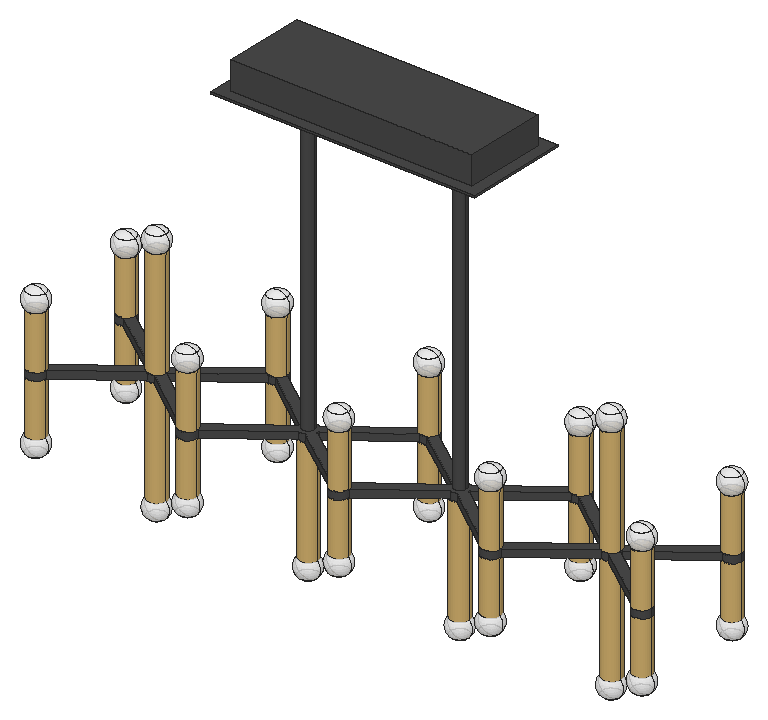
Revit family "Nero Pendant 3-686-xx email", category Lighting Fixtures, host Ceiling, Revit 2020
Family settings
  Host = Ceiling
  Round Connector Dimension = Use Diameter
  Part Type = Normal
  OmniClass Number = 23.80.70.11
  OmniClass Title = Luminaries for Internal Lighting
  Always vertical = Yes
  Cut with Voids When Loaded = No
  Light Source = Yes
  Shared = No
  Room Calculation Point = No
Parameters (values of type "3-686-15 / Black")
  Wattage Comments = "64.32 W at 120 V"  # constant formula
  Wattage = 64.32 W
  built-in parameter 1150110 = 1 (stored number, unit not read)
  Voltage Input = "120 V or 277 V - 50/60 Hz"  # constant formula
  Voltage = 120 V
  URL = "www.oxygenlighting.com"
  Tilt Angle = 90.00°
  References = "Ref. 3 = 120 V / Ref. 37 = 277 V"  # constant formula
  Photometric Web File = "3-686-1540 Nero Pendant.ies"
  Model = "3-686-xx Nero Pendant"  # constant formula
  Metal Finish 2 = 40 - Aged Brass
  Metal Finish = 15 - Black
  built-in parameter 1114217 = 1 (stored number, unit not read)
  built-in parameter 1150109 = 1 (stored number, unit not read)
  Manufacturer = "Oxygen - Lighting & Fans"  # constant formula
  Lamp = "LED Array"  # constant formula
  Diffusers = White Frost Glass
  built-in parameter 1150134 = (empty or 0)
  built-in parameter 1150113 = 1 (stored number, unit not read)
  Lumens = 2045.38 lm
  built-in parameter 1150115 = 1 (stored number, unit not read)
  built-in parameter 1150105 = 162.77 (stored number, unit not read)
  built-in parameter 1150137 = (empty or 0)
  built-in parameter 1150139 = (empty or 0)
  built-in parameter 1150112 = 1 (stored number, unit not read)
  built-in parameter 1150114 = 1 (stored number, unit not read)
  built-in parameter 1150132 = (empty or 0)
  built-in parameter 1150102 = (empty or 0)
  built-in parameter 1150138 = (empty or 0)
  built-in parameter 1150107 = 3000 (stored number, unit not read)
  built-in parameter 1150106 = 1.6277 (stored number, unit not read)
  built-in parameter 1150104 = 2.9543 (stored number, unit not read)
  Dimming Lamp Color Temperature Shift = <None>
  Default Elevation = 0 mm
  Color Filter = 16777215
  built-in parameter 1114218 = 1 (stored number, unit not read)
  built-in parameter 1150133 = 10 (stored number, unit not read)
Reference planes
  plane 1 "Light Source Axis (F/B)": y = 0
  plane 2: z = 0
  plane 3 "Light Source Axis (L/R)": x = 0
  plane 4 "Ceiling": z = 4000
  plane 5 "Light Source Elevation": z = 3420
Dimensions and locks
  equal spacing: host sketch curve, plane 3 "Light Source Axis (L/R)", host sketch curve
  equal spacing: host sketch curve, plane 1 "Light Source Axis (F/B)", host sketch curve
  host sketch curve to host sketch curve = 4000 mm  (x2)
  plane 4 "Ceiling" to host ceiling = 0 mm
  locked: plane 5 "Light Source Elevation" to plane 4 "Ceiling" at 580
  aligned and locked: plane 3 "Light Source Axis (L/R)" to imposter light
  aligned and locked: plane 1 "Light Source Axis (F/B)" to imposter light
  aligned and locked: plane 5 "Light Source Elevation" to imposter light
  aligned and locked: plane 3 "Light Source Axis (L/R)" to nested 1
  aligned and locked: plane 1 "Light Source Axis (F/B)" to nested 1
  aligned and locked: nested 1 to plane 4 "Ceiling"
Nested families
  nested 1: "Familia3" at (0, 0, 4000), type "Familia3"
Connectors
  electrical at (0, 0, 4000), driven by "Voltage"
    settings: on nested 1, index 1, voltage 120 V, apparent load 0 VA, apparent load phase1 0 VA, apparent load phase2 0 VA, apparent load phase3 0 VA, power factor 1, load classification "Other", number of poles 1, system type 31, power factor state 1, is connector primary yes, connector utility no, sub classification motor no, connector description ""
Definition of nested family "Familia3"
  Parameters (values of type "Familia3")
    Metal Finish2 = none
    Metal Finish = none
    Default Elevation = 0 mm
    Diffusers = none
  Reference planes
    plane 1 "Center (Front/Back)": y = 0
    plane 2: z = 0
    plane 3 "Center (Left/Right)": x = 0
    plane 4 "Axis": z = -452.545
    plane 5: y = 75.827
    plane 6: y = -75.827
    plane 7: x = -306.092
    plane 8: x = -204.083
    plane 9: z = -302.545
    plane 10: z = -602.545
    plane 11: z = -376.545
    plane 12: z = -528.545
  Forms (mm)
    Extrusion 1, solid, material <- "Metal Finish"
      sketch origin (0, 0, 0) x (1, 0, 0) y (0, 0, 1)
        loop
          line (-162.5, 0) -> (-162.5, -37.5) -> (162.5, -37.5) -> (162.5, 0) -> (-162.5, 0)
      from -55 to 55
    Extrusion 2, solid, material <- "Metal Finish"
      sketch origin (0, 0, 0) x (1, 0, 0) y (0, 0, 1)
        loop
          line (177.5, -37.5) -> (-177.5, -37.5) -> (-177.5, -39.621) -> (177.5, -39.621) -> (177.5, -37.5)
      from -70 to 70
    Revolve 3, solid, material <- "Metal Finish"
      sketch origin (0, 0, 0) x (1, 0, 0) y (0, 0, 1)
        loop
          line (-107.295, -39.621) -> (-107.295, -44.621) -> (-110.033, -44.621) -> (-110.033, -63.356) -> (-107.295, -64.937) -> (-107.295, -74.937) -> (-105.025, -74.937) -> (-105.025, -77.236) -> (-108.182, -77.236) -> (-109.376, -79.303) -> (-110.432, -79.303) -> (-110.432, -445.621) -> (-102.295, -445.621) -> (-102.295, -39.621) -> (-107.295, -39.621)
        axis (-102.295, -39.621) -> (-102.295, -445.621)
      angle from 0 to 360
    Revolve 4, solid, material <- "Metal Finish"
      sketch origin (0, 0, 0) x (-1, 0, 0) y (0, 0, 1)
        loop
          line (-107.295, -39.621) -> (-107.295, -44.621) -> (-110.033, -44.621) -> (-110.033, -63.356) -> (-107.295, -64.937) -> (-107.295, -74.937) -> (-105.025, -74.937) -> (-105.025, -77.236) -> (-108.182, -77.236) -> (-109.376, -79.303) -> (-110.432, -79.303) -> (-110.432, -445.621) -> (-102.295, -445.621) -> (-102.295, -39.621) -> (-107.295, -39.621)
        axis (-102.295, -39.621) -> (-102.295, -445.621)
      angle from 0 to 360
    Revolve 5, solid, material <- "Metal Finish2"
      sketch origin (0, -75.827, 0) x (1, 0, 0) y (0, 0, 1)
        loop
          line (-408.101, -447.545) -> (-408.101, -376.545) -> (-420.541, -376.545) -> (-420.541, -447.545) -> (-408.101, -447.545)
        axis (-408.101, -447.545) -> (-408.101, -376.545)
      angle from 0 to 360
    Revolve 6, solid, material <- "Diffusers"
      sketch origin (0, -75.827, 4.375) x (1, 0, 0) y (0, 0, 1)
        loop
          line (-420.541, -380.921) -> (-408.101, -380.921) -> (-408.101, -353.904)
          arc (-408.101, -353.904) -> (-414.872, -355.053) -> (-420.541, -358.929) r 16.039
          arc (-420.541, -358.929) -> (-424.904, -369.925) -> (-420.541, -380.921) r 16.039
        axis (-408.101, -380.921) -> (-408.101, -353.904)
      angle from 0 to 360
    Revolve 7, solid, material <- "Metal Finish2"
      sketch origin (0, -75.827, -905.091) x (1, 0, 0) y (0, 0, -1)
        loop
          line (-408.101, -447.545) -> (-408.101, -376.545) -> (-420.541, -376.545) -> (-420.541, -447.545) -> (-408.101, -447.545)
        axis (-408.101, -447.545) -> (-408.101, -376.545)
      angle from 0 to 360
    Revolve 8, solid, material <- "Diffusers"
      sketch origin (0, -75.827, -909.466) x (1, 0, 0) y (0, 0, -1)
        loop
          line (-420.541, -380.921) -> (-408.101, -380.921) -> (-408.101, -353.904)
          arc (-408.101, -353.904) -> (-414.872, -355.053) -> (-420.541, -358.929) r 16.039
          arc (-420.541, -358.929) -> (-424.904, -369.925) -> (-420.541, -380.921) r 16.039
        axis (-408.101, -380.921) -> (-408.101, -353.904)
      angle from 0 to 360
    Revolve 9, solid, material <- "Metal Finish2"
      sketch origin (0, 75.827, 0) x (1, 0, 0) y (0, 0, -1)
        loop
          line (-408.101, 447.545) -> (-420.541, 447.545) -> (-420.541, 376.545) -> (-408.101, 376.545) -> (-408.101, 447.545)
        axis (-408.101, 447.545) -> (-408.101, 376.545)
      angle from 0 to 360
    Revolve 10, solid, material <- "Diffusers"
      sketch origin (0, 75.827, 4.375) x (1, 0, 0) y (0, 0, -1)
        loop
          arc (-420.541, 380.921) -> (-424.904, 369.925) -> (-420.541, 358.929) r 16.039
          arc (-420.541, 358.929) -> (-414.872, 355.053) -> (-408.101, 353.904) r 16.039
          line (-408.101, 353.904) -> (-408.101, 380.921) -> (-420.541, 380.921)
        axis (-408.101, 380.921) -> (-408.101, 353.904)
      angle from 0 to 360
    Revolve 11, solid, material <- "Metal Finish2"
      sketch origin (0, 75.827, -905.091) x (1, 0, 0) y (0, 0, -1)
        loop
          line (-408.101, -447.545) -> (-408.101, -376.545) -> (-420.541, -376.545) -> (-420.541, -447.545) -> (-408.101, -447.545)
        axis (-408.101, -447.545) -> (-408.101, -376.545)
      angle from 0 to 360
    Revolve 12, solid, material <- "Diffusers"
      sketch origin (0, 75.827, -909.466) x (1, 0, 0) y (0, 0, -1)
        loop
          line (-420.541, -380.921) -> (-408.101, -380.921) -> (-408.101, -353.904)
          arc (-408.101, -353.904) -> (-414.872, -355.053) -> (-420.541, -358.929) r 16.039
          arc (-420.541, -358.929) -> (-424.904, -369.925) -> (-420.541, -380.921) r 16.039
        axis (-408.101, -380.921) -> (-408.101, -353.904)
      angle from 0 to 360
    Revolve 13, solid, material <- "Metal Finish2"
      sketch origin (102.009, 0, 0) x (1, 0, 0) y (0, 0, -1)
        loop
          line (-408.101, 447.545) -> (-420.541, 447.545) -> (-420.541, 302.545) -> (-408.101, 302.545) -> (-408.101, 447.545)
        axis (-408.101, 447.545) -> (-408.101, 302.545)
      angle from 0 to 360
    Revolve 14, solid, material <- "Diffusers"
      sketch origin (102.009, 0, 78.375) x (1, 0, 0) y (0, 0, -1)
        loop
          arc (-420.541, 380.921) -> (-424.904, 369.925) -> (-420.541, 358.929) r 16.039
          arc (-420.541, 358.929) -> (-414.872, 355.053) -> (-408.101, 353.904) r 16.039
          line (-408.101, 353.904) -> (-408.101, 380.921) -> (-420.541, 380.921)
        axis (-408.101, 380.921) -> (-408.101, 353.904)
      angle from 0 to 360
    Revolve 15, solid, material <- "Metal Finish2"
      sketch origin (102.009, 0, -905.091) x (1, 0, 0) y (0, 0, -1)
        loop
          line (-408.101, -447.545) -> (-408.101, -302.545) -> (-420.541, -302.545) -> (-420.541, -447.545) -> (-408.101, -447.545)
        axis (-408.101, -447.545) -> (-408.101, -302.545)
      angle from 0 to 360
    Revolve 16, solid, material <- "Diffusers"
      sketch origin (102.009, 0, -983.466) x (1, 0, 0) y (0, 0, -1)
        loop
          line (-420.541, -380.921) -> (-408.101, -380.921) -> (-408.101, -353.904)
          arc (-408.101, -353.904) -> (-414.872, -355.053) -> (-420.541, -358.929) r 16.039
          arc (-420.541, -358.929) -> (-424.904, -369.925) -> (-420.541, -380.921) r 16.039
        axis (-408.101, -380.921) -> (-408.101, -353.904)
      angle from 0 to 360
    Revolve 17, solid, material <- "Metal Finish2"
      sketch origin (-612.184, -75.827, 0) x (-1, 0, 0) y (0, 0, -1)
        loop
          line (-408.101, 447.545) -> (-420.541, 447.545) -> (-420.541, 376.545) -> (-408.101, 376.545) -> (-408.101, 447.545)
        axis (-408.101, 447.545) -> (-408.101, 376.545)
      angle from 0 to 360
    Revolve 18, solid, material <- "Diffusers"
      sketch origin (-612.184, -75.827, 4.375) x (-1, 0, 0) y (0, 0, -1)
        loop
          arc (-420.541, 380.921) -> (-424.904, 369.925) -> (-420.541, 358.929) r 16.039
          arc (-420.541, 358.929) -> (-414.872, 355.053) -> (-408.101, 353.904) r 16.039
          line (-408.101, 353.904) -> (-408.101, 380.921) -> (-420.541, 380.921)
        axis (-408.101, 380.921) -> (-408.101, 353.904)
      angle from 0 to 360
    Revolve 19, solid, material <- "Metal Finish2"
      sketch origin (-612.184, -75.827, -905.091) x (-1, 0, 0) y (0, 0, -1)
        loop
          line (-408.101, -447.545) -> (-408.101, -376.545) -> (-420.541, -376.545) -> (-420.541, -447.545) -> (-408.101, -447.545)
        axis (-408.101, -447.545) -> (-408.101, -376.545)
      angle from 0 to 360
    Revolve 20, solid, material <- "Diffusers"
      sketch origin (-612.184, -75.827, -909.466) x (-1, 0, 0) y (0, 0, -1)
        loop
          line (-420.541, -380.921) -> (-408.101, -380.921) -> (-408.101, -353.904)
          arc (-408.101, -353.904) -> (-414.872, -355.053) -> (-420.541, -358.929) r 16.039
          arc (-420.541, -358.929) -> (-424.904, -369.925) -> (-420.541, -380.921) r 16.039
        axis (-408.101, -380.921) -> (-408.101, -353.904)
      angle from 0 to 360
    Revolve 21, solid, material <- "Metal Finish2"
      sketch origin (-612.184, 75.827, 0) x (-1, 0, 0) y (0, 0, 1)
        loop
          line (-408.101, -447.545) -> (-408.101, -376.545) -> (-420.541, -376.545) -> (-420.541, -447.545) -> (-408.101, -447.545)
        axis (-408.101, -447.545) -> (-408.101, -376.545)
      angle from 0 to 360
    Revolve 22, solid, material <- "Diffusers"
      sketch origin (-612.184, 75.827, 4.375) x (-1, 0, 0) y (0, 0, 1)
        loop
          line (-420.541, -380.921) -> (-408.101, -380.921) -> (-408.101, -353.904)
          arc (-408.101, -353.904) -> (-414.872, -355.053) -> (-420.541, -358.929) r 16.039
          arc (-420.541, -358.929) -> (-424.904, -369.925) -> (-420.541, -380.921) r 16.039
        axis (-408.101, -380.921) -> (-408.101, -353.904)
      angle from 0 to 360
    Revolve 23, solid, material <- "Metal Finish2"
      sketch origin (-612.184, 75.827, -905.091) x (-1, 0, 0) y (0, 0, 1)
        loop
          line (-408.101, 447.545) -> (-420.541, 447.545) -> (-420.541, 376.545) -> (-408.101, 376.545) -> (-408.101, 447.545)
        axis (-408.101, 447.545) -> (-408.101, 376.545)
      angle from 0 to 360
    Revolve 24, solid, material <- "Diffusers"
      sketch origin (-612.184, 75.827, -909.466) x (-1, 0, 0) y (0, 0, 1)
        loop
          arc (-420.541, 380.921) -> (-424.904, 369.925) -> (-420.541, 358.929) r 16.039
          arc (-420.541, 358.929) -> (-414.872, 355.053) -> (-408.101, 353.904) r 16.039
          line (-408.101, 353.904) -> (-408.101, 380.921) -> (-420.541, 380.921)
        axis (-408.101, 380.921) -> (-408.101, 353.904)
      angle from 0 to 360
    Revolve 25, solid, material <- "Metal Finish2"
      sketch origin (-510.175, 0, -905.091) x (-1, 0, 0) y (0, 0, 1)
        loop
          line (-408.101, 447.545) -> (-420.541, 447.545) -> (-420.541, 302.545) -> (-408.101, 302.545) -> (-408.101, 447.545)
        axis (-408.101, 447.545) -> (-408.101, 302.545)
      angle from 0 to 360
    Revolve 26, solid, material <- "Diffusers"
      sketch origin (-510.175, 0, -983.466) x (-1, 0, 0) y (0, 0, 1)
        loop
          arc (-420.541, 380.921) -> (-424.904, 369.925) -> (-420.541, 358.929) r 16.039
          arc (-420.541, 358.929) -> (-414.872, 355.053) -> (-408.101, 353.904) r 16.039
          line (-408.101, 353.904) -> (-408.101, 380.921) -> (-420.541, 380.921)
        axis (-408.101, 380.921) -> (-408.101, 353.904)
      angle from 0 to 360
    Revolve 27, solid, material <- "Metal Finish2"
      sketch origin (-408.166, -75.827, 0) x (-1, 0, 0) y (0, 0, -1)
        loop
          line (-408.101, 447.545) -> (-420.541, 447.545) -> (-420.541, 376.545) -> (-408.101, 376.545) -> (-408.101, 447.545)
        axis (-408.101, 447.545) -> (-408.101, 376.545)
      angle from 0 to 360
    Revolve 28, solid, material <- "Diffusers"
      sketch origin (-408.166, -75.827, 4.375) x (-1, 0, 0) y (0, 0, -1)
        loop
          arc (-420.541, 380.921) -> (-424.904, 369.925) -> (-420.541, 358.929) r 16.039
          arc (-420.541, 358.929) -> (-414.872, 355.053) -> (-408.101, 353.904) r 16.039
          line (-408.101, 353.904) -> (-408.101, 380.921) -> (-420.541, 380.921)
        axis (-408.101, 380.921) -> (-408.101, 353.904)
      angle from 0 to 360
    Revolve 29, solid, material <- "Metal Finish2"
      sketch origin (-408.166, -75.827, -905.091) x (-1, 0, 0) y (0, 0, -1)
        loop
          line (-408.101, -447.545) -> (-408.101, -376.545) -> (-420.541, -376.545) -> (-420.541, -447.545) -> (-408.101, -447.545)
        axis (-408.101, -447.545) -> (-408.101, -376.545)
      angle from 0 to 360
    Revolve 30, solid, material <- "Diffusers"
      sketch origin (-408.166, -75.827, -909.466) x (-1, 0, 0) y (0, 0, -1)
        loop
          line (-420.541, -380.921) -> (-408.101, -380.921) -> (-408.101, -353.904)
          arc (-408.101, -353.904) -> (-414.872, -355.053) -> (-420.541, -358.929) r 16.039
          arc (-420.541, -358.929) -> (-424.904, -369.925) -> (-420.541, -380.921) r 16.039
        axis (-408.101, -380.921) -> (-408.101, -353.904)
      angle from 0 to 360
    Revolve 31, solid, material <- "Metal Finish2"
      sketch origin (-408.166, 75.827, 0) x (-1, 0, 0) y (0, 0, 1)
        loop
          line (-408.101, -447.545) -> (-408.101, -376.545) -> (-420.541, -376.545) -> (-420.541, -447.545) -> (-408.101, -447.545)
        axis (-408.101, -447.545) -> (-408.101, -376.545)
      angle from 0 to 360
    Revolve 32, solid, material <- "Diffusers"
      sketch origin (-408.166, 75.827, 4.375) x (-1, 0, 0) y (0, 0, 1)
        loop
          line (-420.541, -380.921) -> (-408.101, -380.921) -> (-408.101, -353.904)
          arc (-408.101, -353.904) -> (-414.872, -355.053) -> (-420.541, -358.929) r 16.039
          arc (-420.541, -358.929) -> (-424.904, -369.925) -> (-420.541, -380.921) r 16.039
        axis (-408.101, -380.921) -> (-408.101, -353.904)
      angle from 0 to 360
    Revolve 33, solid, material <- "Metal Finish2"
      sketch origin (-408.166, 75.827, -905.091) x (-1, 0, 0) y (0, 0, 1)
        loop
          line (-408.101, 447.545) -> (-420.541, 447.545) -> (-420.541, 376.545) -> (-408.101, 376.545) -> (-408.101, 447.545)
        axis (-408.101, 447.545) -> (-408.101, 376.545)
      angle from 0 to 360
    Revolve 34, solid, material <- "Diffusers"
      sketch origin (-408.166, 75.827, -909.466) x (-1, 0, 0) y (0, 0, 1)
        loop
          arc (-420.541, 380.921) -> (-424.904, 369.925) -> (-420.541, 358.929) r 16.039
          arc (-420.541, 358.929) -> (-414.872, 355.053) -> (-408.101, 353.904) r 16.039
          line (-408.101, 353.904) -> (-408.101, 380.921) -> (-420.541, 380.921)
        axis (-408.101, 380.921) -> (-408.101, 353.904)
      angle from 0 to 360
    Revolve 35, solid, material <- "Metal Finish2"
      sketch origin (0, -75.827, 0) x (-1, 0, 0) y (0, 0, -1)
        loop
          line (-408.101, 447.545) -> (-420.541, 447.545) -> (-420.541, 376.545) -> (-408.101, 376.545) -> (-408.101, 447.545)
        axis (-408.101, 447.545) -> (-408.101, 376.545)
      angle from 0 to 360
    Revolve 36, solid, material <- "Diffusers"
      sketch origin (0, -75.827, 4.375) x (-1, 0, 0) y (0, 0, -1)
        loop
          arc (-420.541, 380.921) -> (-424.904, 369.925) -> (-420.541, 358.929) r 16.039
          arc (-420.541, 358.929) -> (-414.872, 355.053) -> (-408.101, 353.904) r 16.039
          line (-408.101, 353.904) -> (-408.101, 380.921) -> (-420.541, 380.921)
        axis (-408.101, 380.921) -> (-408.101, 353.904)
      angle from 0 to 360
    Revolve 37, solid, material <- "Metal Finish2"
      sketch origin (0, -75.827, -905.091) x (-1, 0, 0) y (0, 0, -1)
        loop
          line (-408.101, -447.545) -> (-408.101, -376.545) -> (-420.541, -376.545) -> (-420.541, -447.545) -> (-408.101, -447.545)
        axis (-408.101, -447.545) -> (-408.101, -376.545)
      angle from 0 to 360
    Revolve 38, solid, material <- "Diffusers"
      sketch origin (0, -75.827, -909.466) x (-1, 0, 0) y (0, 0, -1)
        loop
          line (-420.541, -380.921) -> (-408.101, -380.921) -> (-408.101, -353.904)
          arc (-408.101, -353.904) -> (-414.872, -355.053) -> (-420.541, -358.929) r 16.039
          arc (-420.541, -358.929) -> (-424.904, -369.925) -> (-420.541, -380.921) r 16.039
        axis (-408.101, -380.921) -> (-408.101, -353.904)
      angle from 0 to 360
    Revolve 39, solid, material <- "Metal Finish2"
      sketch origin (0, 75.827, 0) x (-1, 0, 0) y (0, 0, 1)
        loop
          line (-408.101, -447.545) -> (-408.101, -376.545) -> (-420.541, -376.545) -> (-420.541, -447.545) -> (-408.101, -447.545)
        axis (-408.101, -447.545) -> (-408.101, -376.545)
      angle from 0 to 360
    Revolve 40, solid, material <- "Diffusers"
      sketch origin (0, 75.827, 4.375) x (-1, 0, 0) y (0, 0, 1)
        loop
          line (-420.541, -380.921) -> (-408.101, -380.921) -> (-408.101, -353.904)
          arc (-408.101, -353.904) -> (-414.872, -355.053) -> (-420.541, -358.929) r 16.039
          arc (-420.541, -358.929) -> (-424.904, -369.925) -> (-420.541, -380.921) r 16.039
        axis (-408.101, -380.921) -> (-408.101, -353.904)
      angle from 0 to 360
    Revolve 41, solid, material <- "Metal Finish2"
      sketch origin (0, 75.827, -905.091) x (-1, 0, 0) y (0, 0, 1)
        loop
          line (-408.101, 447.545) -> (-420.541, 447.545) -> (-420.541, 376.545) -> (-408.101, 376.545) -> (-408.101, 447.545)
        axis (-408.101, 447.545) -> (-408.101, 376.545)
      angle from 0 to 360
    Revolve 42, solid, material <- "Diffusers"
      sketch origin (0, 75.827, -909.466) x (-1, 0, 0) y (0, 0, 1)
        loop
          arc (-420.541, 380.921) -> (-424.904, 369.925) -> (-420.541, 358.929) r 16.039
          arc (-420.541, 358.929) -> (-414.872, 355.053) -> (-408.101, 353.904) r 16.039
          line (-408.101, 353.904) -> (-408.101, 380.921) -> (-420.541, 380.921)
        axis (-408.101, 380.921) -> (-408.101, 353.904)
      angle from 0 to 360
    Revolve 43, solid, material <- "Metal Finish2"
      sketch origin (-102.009, 0, 0) x (-1, 0, 0) y (0, 0, 1)
        loop
          line (-408.101, -447.545) -> (-408.101, -302.545) -> (-420.541, -302.545) -> (-420.541, -447.545) -> (-408.101, -447.545)
        axis (-408.101, -447.545) -> (-408.101, -302.545)
      angle from 0 to 360
    Revolve 44, solid, material <- "Diffusers"
      sketch origin (-102.009, 0, 78.375) x (-1, 0, 0) y (0, 0, 1)
        loop
          line (-420.541, -380.921) -> (-408.101, -380.921) -> (-408.101, -353.904)
          arc (-408.101, -353.904) -> (-414.872, -355.053) -> (-420.541, -358.929) r 16.039
          arc (-420.541, -358.929) -> (-424.904, -369.925) -> (-420.541, -380.921) r 16.039
        axis (-408.101, -380.921) -> (-408.101, -353.904)
      angle from 0 to 360
    Revolve 45, solid, material <- "Metal Finish2"
      sketch origin (-102.009, 0, -905.091) x (-1, 0, 0) y (0, 0, 1)
        loop
          line (-408.101, 447.545) -> (-420.541, 447.545) -> (-420.541, 302.545) -> (-408.101, 302.545) -> (-408.101, 447.545)
        axis (-408.101, 447.545) -> (-408.101, 302.545)
      angle from 0 to 360
    Revolve 46, solid, material <- "Diffusers"
      sketch origin (-102.009, 0, -983.466) x (-1, 0, 0) y (0, 0, 1)
        loop
          arc (-420.541, 380.921) -> (-424.904, 369.925) -> (-420.541, 358.929) r 16.039
          arc (-420.541, 358.929) -> (-414.872, 355.053) -> (-408.101, 353.904) r 16.039
          line (-408.101, 353.904) -> (-408.101, 380.921) -> (-420.541, 380.921)
        axis (-408.101, 380.921) -> (-408.101, 353.904)
      angle from 0 to 360
    Revolve 47, solid, material <- "Metal Finish2"
      sketch origin (612.184, -75.827, 0) x (1, 0, 0) y (0, 0, 1)
        loop
          line (-408.101, -447.545) -> (-408.101, -376.545) -> (-420.541, -376.545) -> (-420.541, -447.545) -> (-408.101, -447.545)
        axis (-408.101, -447.545) -> (-408.101, -376.545)
      angle from 0 to 360
    Revolve 48, solid, material <- "Diffusers"
      sketch origin (612.184, -75.827, 4.375) x (1, 0, 0) y (0, 0, 1)
        loop
          line (-420.541, -380.921) -> (-408.101, -380.921) -> (-408.101, -353.904)
          arc (-408.101, -353.904) -> (-414.872, -355.053) -> (-420.541, -358.929) r 16.039
          arc (-420.541, -358.929) -> (-424.904, -369.925) -> (-420.541, -380.921) r 16.039
        axis (-408.101, -380.921) -> (-408.101, -353.904)
      angle from 0 to 360
    Revolve 49, solid, material <- "Metal Finish2"
      sketch origin (612.184, -75.827, -905.091) x (1, 0, 0) y (0, 0, 1)
        loop
          line (-408.101, 447.545) -> (-420.541, 447.545) -> (-420.541, 376.545) -> (-408.101, 376.545) -> (-408.101, 447.545)
        axis (-408.101, 447.545) -> (-408.101, 376.545)
      angle from 0 to 360
    Revolve 50, solid, material <- "Diffusers"
      sketch origin (612.184, -75.827, -909.466) x (1, 0, 0) y (0, 0, 1)
        loop
          arc (-420.541, 380.921) -> (-424.904, 369.925) -> (-420.541, 358.929) r 16.039
          arc (-420.541, 358.929) -> (-414.872, 355.053) -> (-408.101, 353.904) r 16.039
          line (-408.101, 353.904) -> (-408.101, 380.921) -> (-420.541, 380.921)
        axis (-408.101, 380.921) -> (-408.101, 353.904)
      angle from 0 to 360
    Revolve 51, solid, material <- "Metal Finish2"
      sketch origin (612.184, 75.827, 0) x (1, 0, 0) y (0, 0, -1)
        loop
          line (-408.101, 447.545) -> (-420.541, 447.545) -> (-420.541, 376.545) -> (-408.101, 376.545) -> (-408.101, 447.545)
        axis (-408.101, 447.545) -> (-408.101, 376.545)
      angle from 0 to 360
    Revolve 52, solid, material <- "Diffusers"
      sketch origin (612.184, 75.827, 4.375) x (1, 0, 0) y (0, 0, -1)
        loop
          arc (-420.541, 380.921) -> (-424.904, 369.925) -> (-420.541, 358.929) r 16.039
          arc (-420.541, 358.929) -> (-414.872, 355.053) -> (-408.101, 353.904) r 16.039
          line (-408.101, 353.904) -> (-408.101, 380.921) -> (-420.541, 380.921)
        axis (-408.101, 380.921) -> (-408.101, 353.904)
      angle from 0 to 360
    Revolve 53, solid, material <- "Metal Finish2"
      sketch origin (612.184, 75.827, -905.091) x (1, 0, 0) y (0, 0, -1)
        loop
          line (-408.101, -447.545) -> (-408.101, -376.545) -> (-420.541, -376.545) -> (-420.541, -447.545) -> (-408.101, -447.545)
        axis (-408.101, -447.545) -> (-408.101, -376.545)
      angle from 0 to 360
    Revolve 54, solid, material <- "Diffusers"
      sketch origin (612.184, 75.827, -909.466) x (1, 0, 0) y (0, 0, -1)
        loop
          line (-420.541, -380.921) -> (-408.101, -380.921) -> (-408.101, -353.904)
          arc (-408.101, -353.904) -> (-414.872, -355.053) -> (-420.541, -358.929) r 16.039
          arc (-420.541, -358.929) -> (-424.904, -369.925) -> (-420.541, -380.921) r 16.039
        axis (-408.101, -380.921) -> (-408.101, -353.904)
      angle from 0 to 360
    Revolve 55, solid, material <- "Metal Finish2"
      sketch origin (510.175, 0, -905.091) x (1, 0, 0) y (0, 0, -1)
        loop
          line (-408.101, -447.545) -> (-408.101, -302.545) -> (-420.541, -302.545) -> (-420.541, -447.545) -> (-408.101, -447.545)
        axis (-408.101, -447.545) -> (-408.101, -302.545)
      angle from 0 to 360
    Revolve 56, solid, material <- "Diffusers"
      sketch origin (510.175, 0, -983.466) x (1, 0, 0) y (0, 0, -1)
        loop
          line (-420.541, -380.921) -> (-408.101, -380.921) -> (-408.101, -353.904)
          arc (-408.101, -353.904) -> (-414.872, -355.053) -> (-420.541, -358.929) r 16.039
          arc (-420.541, -358.929) -> (-424.904, -369.925) -> (-420.541, -380.921) r 16.039
        axis (-408.101, -380.921) -> (-408.101, -353.904)
      angle from 0 to 360
    Extrusion 57, solid, material <- "Metal Finish"
      sketch origin (0, 0, -452.545) x (-1, 0, 0) y (0, -1, 0)
        loop
          arc (395.71, -74.715) -> (407.545, -88.254) -> (420.541, -75.827) r 12.44
          arc (420.541, -75.827) -> (415.069, -65.521) -> (403.466, -64.282) r 12.44
          line (403.466, -64.282) -> (318.483, -1.111)
          arc (318.483, -1.111) -> (318.532, 0) -> (318.483, 1.111) r 12.44
          line (318.483, 1.111) -> (403.466, 64.282)
          arc (403.466, 64.282) -> (415.069, 65.521) -> (420.541, 75.827) r 12.44
          arc (420.541, 75.827) -> (407.545, 88.254) -> (395.71, 74.715) r 12.44
          line (395.71, 74.715) -> (310.727, 11.544)
          arc (310.727, 11.544) -> (306.092, 12.44) -> (301.457, 11.544) r 12.44
          line (301.457, 11.544) -> (216.474, 74.715)
          arc (216.474, 74.715) -> (204.083, 88.267) -> (191.693, 74.715) r 12.44
          line (191.693, 74.715) -> (106.709, 11.544)
          arc (106.709, 11.544) -> (102.074, 12.44) -> (97.439, 11.544) r 12.44
          line (97.439, 11.544) -> (12.456, 74.715)
          arc (12.456, 74.715) -> (0.111, 88.267) -> (-12.333, 74.807) r 12.44
          line (-12.333, 74.807) -> (-97.439, 11.544)
          arc (-97.439, 11.544) -> (-102.074, 12.44) -> (-106.709, 11.544) r 12.44
          line (-106.709, 11.544) -> (-191.693, 74.715)
          arc (-191.693, 74.715) -> (-204.083, 88.267) -> (-216.474, 74.715) r 12.44
          line (-216.474, 74.715) -> (-301.457, 11.544)
          arc (-301.457, 11.544) -> (-306.092, 12.44) -> (-310.727, 11.544) r 12.44
          line (-310.727, 11.544) -> (-395.71, 74.715)
          arc (-395.71, 74.715) -> (-407.545, 88.254) -> (-420.541, 75.827) r 12.44
          arc (-420.541, 75.827) -> (-415.069, 65.521) -> (-403.466, 64.282) r 12.44
          line (-403.466, 64.282) -> (-318.483, 1.111)
          arc (-318.483, 1.111) -> (-318.532, 0) -> (-318.483, -1.111) r 12.44
          line (-318.483, -1.111) -> (-403.466, -64.282)
          arc (-403.466, -64.282) -> (-415.069, -65.521) -> (-420.541, -75.827) r 12.44
          arc (-420.541, -75.827) -> (-407.545, -88.254) -> (-395.71, -74.715) r 12.44
          line (-395.71, -74.715) -> (-310.727, -11.544)
          arc (-310.727, -11.544) -> (-306.092, -12.44) -> (-301.457, -11.544) r 12.44
          line (-301.457, -11.544) -> (-216.474, -74.715)
          arc (-216.474, -74.715) -> (-204.083, -88.267) -> (-191.693, -74.715) r 12.44
          line (-191.693, -74.715) -> (-106.709, -11.544)
          arc (-106.709, -11.544) -> (-102.074, -12.44) -> (-97.439, -11.544) r 12.44
          line (-97.439, -11.544) -> (-12.333, -74.807)
          arc (-12.333, -74.807) -> (0.111, -88.267) -> (12.456, -74.715) r 12.44
          line (12.456, -74.715) -> (97.439, -11.544)
          arc (97.439, -11.544) -> (102.074, -12.44) -> (106.709, -11.544) r 12.44
          line (106.709, -11.544) -> (191.693, -74.715)
          arc (191.693, -74.715) -> (204.083, -88.267) -> (216.474, -74.715) r 12.44
          line (216.474, -74.715) -> (301.457, -11.544)
          arc (301.457, -11.544) -> (306.092, -12.44) -> (310.727, -11.544) r 12.44
          line (310.727, -11.544) -> (395.71, -74.715)
        loop
          arc (293.702, -1.111) -> (293.652, 0) -> (293.702, 1.111) r 12.44
          line (293.702, 1.111) -> (208.718, 64.282)
          arc (208.718, 64.282) -> (204.083, 63.386) -> (199.448, 64.282) r 12.44
          line (199.448, 64.282) -> (114.465, 1.111)
          arc (114.465, 1.111) -> (114.514, 0) -> (114.465, -1.111) r 12.44
          line (114.465, -1.111) -> (199.448, -64.282)
          arc (199.448, -64.282) -> (204.083, -63.386) -> (208.718, -64.282) r 12.44
          line (208.718, -64.282) -> (293.702, -1.111)
        loop
          arc (89.684, -1.111) -> (89.634, 0) -> (89.684, 1.111) r 12.44
          line (89.684, 1.111) -> (4.7, 64.282)
          arc (4.7, 64.282) -> (0.02, 63.386) -> (-4.654, 64.316) r 12.44
          line (-4.654, 64.316) -> (-89.684, 1.111)
          arc (-89.684, 1.111) -> (-89.634, 0) -> (-89.684, -1.111) r 12.44
          line (-89.684, -1.111) -> (-4.654, -64.316)
          arc (-4.654, -64.316) -> (0.02, -63.386) -> (4.7, -64.282) r 12.44
          line (4.7, -64.282) -> (89.684, -1.111)
        loop
          line (-293.702, -1.111) -> (-208.718, -64.282)
          arc (-208.718, -64.282) -> (-204.083, -63.386) -> (-199.448, -64.282) r 12.44
          line (-199.448, -64.282) -> (-114.465, -1.111)
          arc (-114.465, -1.111) -> (-114.514, 0) -> (-114.465, 1.111) r 12.44
          line (-114.465, 1.111) -> (-199.448, 64.282)
          arc (-199.448, 64.282) -> (-204.083, 63.386) -> (-208.718, 64.282) r 12.44
          line (-208.718, 64.282) -> (-293.702, 1.111)
          arc (-293.702, 1.111) -> (-293.652, 0) -> (-293.702, -1.111) r 12.44
      from -5 to 5
  Dimensions and locks
    aligned and locked: level to plane 2
